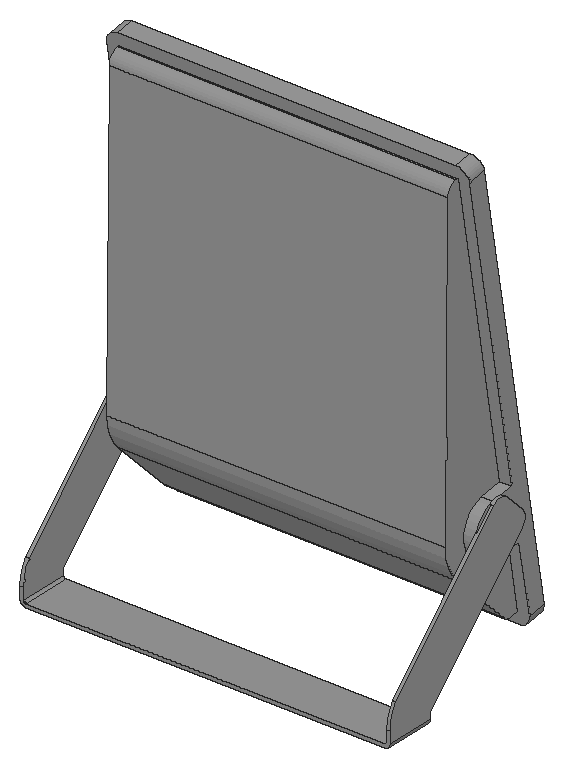
Revit family "0048210", category Lighting Fixtures, host Face, Revit 2017
Family settings
  Host = Face
  Round Connector Dimension = Use Diameter
  Part Type = Normal
  OmniClass Number = 23.80.70.00
  OmniClass Title = Lighting
  Cut with Voids When Loaded = No
  Light Source = No
  Shared = No
  Room Calculation Point = No
Parameters (values of type "0048210 Start Flood IP66 21000lm 740 WB")
  WingRadius_SYL = 10 mm
  WingLength_SYL = if([50W_SYL], 100 mm, if([100W_SYL], 142 mm, if([150W_SYL], 142 mm, if([200W_SYL], 150 mm, 170 mm))))  # 142 mm
  WidthBracket_SYL = 40 mm
  Weight = "4.6 kg"
  Wattage Comments = ""
  WarrantyStartDate [instance] = "n/a"
  WarrantyGuarantorParts = "n/a"
  WarrantyDurationUnit = "n/a"
  WarrantyDurationParts = "n/a"
  WarrantyDescription = "n/a"
  Voltage = 230 V
  URL = "http://www.sylvania-lighting.com"
  TypeName = "Start Flood IP66 21000lm 740 WB"
  TypeHead_SYL = START Flood IP66 150W luminaire : 0048210 Start Flood IP66 21000lm 740 WB
  Type Image = <None>
  Type Comments = "n/a"
  ThicknessBracket_SYL = 3 mm
  SerialNumber [instance] = "n/a"
  RotationAngle_SYL [instance] = -100.00°
  RadiusOutBracket_SYL = 5 mm
  RadiusInBracket_SYL = 2 mm
  Material_3_SYL = none
  PowerFactor = 0.99
  PowerConsumption = "149 W"
  NominalLength = 451 mm
  NominalHeight = 330 mm
  NominalDepth = 77 mm
  Name = "Start Flood IP66 21000lm 740 WB"
  ModelReference = Name  # "Start Flood IP66 21000lm 740 WB"
  ModelNumber = "0048210"
  Model = Name  # "Start Flood IP66 21000lm 740 WB"
  Material = "n/a"
  ManufacturerName = "Feilo Sylvania"
  Manufacturer = "Feilo Sylvania"
  LuminousEfficacy = "144.6 lm/W"
  LuminaireType = ""
  LightOutputRatio = "n/a"
  LengthIn_SYL = if([50W_SYL], 210 mm, if([100W_SYL], 300 mm, if([150W_SYL], 295 mm, if([200W_SYL], 360 mm, 430 mm))))  # 295 mm
  LampsType = Lamp  # "LED"
  LampNominalLuminous = "21686 lm"
  LampMacAdamStep = "n/a"
  LampColourTemperature = "4000 K"
  LampColourRenderingIndex = "70"
  Lamp = "LED"
  Keynote = "16500"
  InstallationDate [instance] = "n/a"
  InputVoltage = "n/a"
  InputNominalFrequency = "n/a"
  IngressProtection = "IP66"
  ImpactProtectionIndex = "IK08"
  IfcExportType = "IfcLightFixtureType"
  IfcExportAs = "IfcLightFixtureType"
  EndAngle_SYL [instance] = RotationAngle_SYL + 180.00°  # 80.00°
  ElectricShockClassification = "Class I"
  DocumentationLiterature = "http://www.sylvania-lighting.com/product/en-int/products/0048210"
  DimmingControlOptions = "n/a"
  Material_2_SYL = none
  Description = ""
  Default Elevation = 1219.2 mm
  CreatedOn = "2/1/2019"
  CreatedBy = "@sylvania-lighting.com"
  Cost = 0
  built-in parameter 1114216 [instance] = (empty or 0)
  ClassificationValue = "EF_70_80"
  ClassificationName = "Uniclass2015"
  Material_1_SYL = Steel, Paint Finish, Dark Gray, Matte
  BarCode [instance] = "n/a"
  AxisOffsetWingEnd_SYL = WidthBracket_SYL / 2  # 20 mm
  AxisHeight_SYL = sin(45.00°) * WingLength_SYL  # 100.409 mm
  AxisDepth_SYL = cos(45.00°) * (WingLength_SYL - tan(45.00°) * AxisOffsetWingEnd_SYL - AxisOffsetWingEnd_SYL)  # 72.125 mm
  AssetType = "Fixed"
  AssetIdentifier [instance] = "n/a"
  Assembly Code = "D5020200"
  Apparent Load = 150 VA
  Material_4_SYL = none
  50W_SYL = no
  200W_SYL = no
  150W_SYL = yes
  100W_SYL = no
Reference planes
  plane 1 "Center (Front/Back)": y = 0
  plane 2: z = 0
  plane 3 "Center (Left/Right)": x = 0
  plane 4: x = 150.5
  plane 5: x = -150.5
  plane 6: x = 147.5
  plane 7: x = -147.5
  plane 8: z = 10
  plane 9: y = 20
  plane 10: y = -20
  plane 11: z = 3
  plane 12: z = 110.409
  plane 13: y = 92.125
Forms (mm)
  Extrusion 1, solid, material "Steel, Paint Finish, Dark Gray, Matte" <- "Material_1_SYL"
    sketch origin (0, 0, 0) x (1, 0, 0) y (0, 0, 1)
      loop
        arc (145.5, 0) -> (149.036, 1.464) -> (150.5, 5) r 5
        line (150.5, 5) -> (150.5, 10) -> (147.5, 10) -> (147.5, 5)
        arc (147.5, 5) -> (146.914, 3.586) -> (145.5, 3) r 2
        line (145.5, 3) -> (-145.5, 3)
        arc (-145.5, 3) -> (-146.914, 3.586) -> (-147.5, 5) r 2
        line (-147.5, 5) -> (-147.5, 10) -> (-150.5, 10) -> (-150.5, 5)
        arc (-150.5, 5) -> (-149.036, 1.464) -> (-145.5, 0) r 5
        line (-145.5, 0) -> (145.5, 0)
    from -20 to 20
  Extrusion 2, solid, material "Steel, Paint Finish, Dark Gray, Matte" <- "Material_1_SYL"
    sketch origin (147.5, -4572, 2609.058) x (0, 0, 1) y (0, -1, 0)
      loop
        line (-2599.058, -4592) -> (-2505.72, -4685.338)
        arc (-2505.72, -4685.338) -> (-2498.649, -4688.267) -> (-2491.578, -4685.338) r 10
        line (-2491.578, -4685.338) -> (-2477.436, -4671.196)
        arc (-2477.436, -4671.196) -> (-2474.507, -4664.125) -> (-2477.436, -4657.054) r 10
        line (-2477.436, -4657.054) -> (-2576.632, -4557.858)
        arc (-2576.632, -4557.858) -> (-2585.316, -4553.5) -> (-2594.916, -4552) r 31.464
        line (-2594.916, -4552) -> (-2599.058, -4552) -> (-2599.058, -4592)
    from 0 to 3
  Extrusion 3, solid, material "Steel, Paint Finish, Dark Gray, Matte" <- "Material_1_SYL"
    sketch origin (-150.5, -4572, 2609.058) x (0, 0, 1) y (0, -1, 0)
      loop
        arc (-2505.72, -4685.338) -> (-2498.649, -4688.267) -> (-2491.578, -4685.338) r 10
        line (-2491.578, -4685.338) -> (-2477.436, -4671.196)
        arc (-2477.436, -4671.196) -> (-2474.507, -4664.125) -> (-2477.436, -4657.054) r 10
        line (-2477.436, -4657.054) -> (-2576.632, -4557.858)
        arc (-2576.632, -4557.858) -> (-2585.316, -4553.5) -> (-2594.916, -4552) r 31.464
        line (-2594.916, -4552) -> (-2604.058, -4552) -> (-2604.058, -4592) -> (-2599.058, -4592) -> (-2505.72, -4685.338)
    from 0 to 3
  Revolve 4, solid, not visible
    sketch origin (1223.4, -4572, 110.409) x (0, -1, 0) y (1, 0, 0)
      loop
        line (-4664.125, -1223.4) -> (-4679.125, -1223.4) -> (-4679.125, -1273.4) -> (-4664.125, -1273.4) -> (-4664.125, -1223.4)
      axis (-4664.125, -1223.4) -> (-4664.125, -1273.4)
    angle from -100 <- "RotationAngle_SYL" to 80 <- "EndAngle_SYL"
Cuts and joins
  joined: Extrusion 1, Extrusion 2, Extrusion 3
Lines and regions (mm)
  reference lines
    curve 1: line (0, 20, 10) -> (0, 172.028, 162.028)
    curve 2: line (0, 133.744, 180.312) -> (0, -20, 26.569)
    curve 3: line (0, 92.125, 138.693) -> (0, 120.409, 110.409)
    curve 4: line (-150.5, 4.393, 22.678) -> (-150.5, 170.135, 188.419)
    curve 5: line (0, 77.983, 124.551) -> (0, 106.267, 96.267)
Dimensions and locks
  locked: plane 8 to plane 2 at 10
  equal spacing: plane 10, plane 1 "Center (Front/Back)", plane 9
  "WidthBracket_SYL": plane 10 to plane 9
  "WidthBracket_SYL": curve 1 to curve 2
  "ThicknessBracket_SYL": plane 11 to plane 2
  "WingLength_SYL": curve 1 to curve 3
  level to Extrusion 1 = 10 mm
  equal spacing: plane 6, plane 3 "Center (Left/Right)", plane 7
  "LengthIn_SYL": plane 6 to plane 7
  equal spacing: plane 4, plane 3 "Center (Left/Right)", plane 5
  "ThicknessBracket_SYL": plane 7 to plane 5
  equal spacing: curve 1, curve 4, curve 2
  "AxisOffsetWingEnd_SYL": curve 3 to curve 5
  "AxisHeight_SYL": plane 12 to plane 8
  "AxisDepth_SYL": plane 9 to plane 13
  "RadiusInBracket_SYL": radius of Extrusion 1 sketch curve  (x2)
  "RadiusOutBracket_SYL": radius of Extrusion 1 sketch curve  (x2)
  "WingRadius_SYL": radius of Extrusion 2 sketch curve  (x2)
  locked: plane 8 to curve 1 (angle 45.00°)
  locked: plane 8 to curve 2 (angle 45.00°)
  aligned and locked: plane 2 to host face
  aligned and locked: level to host face
  aligned and locked: plane 9 to curve 1
  aligned and locked: plane 8 to curve 1
  aligned and locked: plane 10 to curve 2
  aligned and locked: plane 5 to Extrusion 1 sketch curve
  aligned and locked: plane 8 to Extrusion 1 sketch curve  (x2)
  aligned and locked: Extrusion 1 sketch curve to plane 7
  aligned and locked: plane 11 to Extrusion 1 sketch curve
  aligned and locked: plane 6 to Extrusion 1 sketch curve
  aligned and locked: Extrusion 1 sketch curve to plane 4
  aligned and locked: Extrusion 1 to plane 9
  aligned and locked: plane 10 to Extrusion 1
  aligned and locked: Extrusion 2 sketch curve to curve 1
  aligned and locked: curve 2 to Extrusion 2 sketch curve
  aligned and locked: plane 10 to Extrusion 2 sketch curve
  aligned and locked: Extrusion 2 sketch curve to Extrusion 1
  aligned and locked: plane 4 to Extrusion 2
  aligned and locked: Extrusion 2 to plane 6
  aligned and locked: plane 7 to Extrusion 3
  aligned and locked: Extrusion 3 to plane 5
  aligned and locked: cut or joined group of Extrusion 1, Extrusion 2, Extrusion 3 to curve 5  (x2)
  aligned and locked: Revolve 4 sketch curve to plane 13  (x2)
  aligned and locked: Revolve 4 sketch curve to curve 3
  aligned and locked: curve 2 to plane 3 "Center (Left/Right)"
  aligned and locked: Extrusion 3 sketch curve to cut or joined group of Extrusion 1, Extrusion 2, Extrusion 3  (x5)
  aligned and locked: cut or joined group of Extrusion 1, Extrusion 2, Extrusion 3 to Extrusion 3 sketch curve
  aligned and locked: nested 1 to plane 3 "Center (Left/Right)"
Automatic sketch dimensions
  host sketch curve to host sketch curve = 2438.4 mm  (x2)
  curve 4 to plane 1 "Center (Front/Back)" = 4.393 mm
  curve 4 to plane 9 = 150.135 mm
  Revolve 4 sketch curve to Revolve 4 sketch curve = 15 mm
  Revolve 4 sketch curve to plane 3 "Center (Left/Right)" = 50 mm
  Revolve 4 sketch curve to plane 5 = 1316.635 mm
  plane 4 to Revolve 4 sketch curve = 1441.773 mm
  Extrusion 3 sketch curve to plane 10 = 5.858 mm
  plane 12 to Extrusion 3 sketch curve = 7.071 mm
  Extrusion 3 sketch curve to plane 12 = 7.071 mm
  Extrusion 3 sketch curve to Extrusion 3 sketch curve = 7.071 mm
  plane 13 to Extrusion 3 sketch curve = 7.071 mm
  Extrusion 1 sketch curve to Extrusion 1 sketch curve = 0 mm  (x2)
  plane 12 to Extrusion 2 sketch curve = 0 mm
  Extrusion 2 sketch curve to plane 13 = 0 mm
  Extrusion 2 sketch curve to Extrusion 2 sketch curve = 4.142 mm
  Extrusion 2 sketch curve to plane 10 = 5.858 mm
  plane 12 to Extrusion 2 sketch curve = 7.071 mm
  Extrusion 2 sketch curve to plane 12 = 7.071 mm
  plane 13 to Extrusion 2 sketch curve = 7.071 mm
  Extrusion 2 sketch curve to plane 13 = 7.071 mm
Nested families
  nested 1: "START Flood IP66 150W luminaire" at (0, 92.125, 110.409) x (-1, 0, 0) z (0, 0.9848, 0.1736), type <- "TypeHead_SYL", type "0048210 Start Flood IP66 21000lm 740 WB"
    with built-in parameter 1114216 (empty or 0), Apparent Load 150 VA
Connectors
  electrical at (4.2, 0, 0), driven by "Voltage", driven by "Apparent Load", driven by "PowerFactor"
    settings: on host face, index 1, voltage 230 V, apparent load 150 VA, apparent load phase1 0 VA, apparent load phase2 0 VA, apparent load phase3 0 VA, power factor 0.99, load classification "Other", number of poles 1, system type 30, power factor state 1, is connector primary yes, connector utility no, sub classification motor no, connector description ""
Definition of nested family "START Flood IP66 150W luminaire"
  Parameters (values of type "0048211 Start Flood IP66 21000lm 740 ASYM")
    WidthHead_SYL = if([50W_SYL], 210 mm, if([100W_SYL], 300 mm, if([150W_SYL], 295 mm, if([200W_SYL], 360 mm, 430 mm))))  # 295 mm
    Wattage Comments = "n/a"
    Wattage = 149 W
    built-in parameter 1150110 = 1 (stored number, unit not read)
    URL = "http://www.sylvania-lighting.com"
    Type Image = (empty or 0)
    Type Comments = "n/a"
    built-in parameter 1114217 = 1 (stored number, unit not read)
    Tilt Angle = -90.00°
    built-in parameter 1150109 = 1 (stored number, unit not read)
    built-in parameter 1150134 = 12
    built-in parameter 1150113 = 1 (stored number, unit not read)
    ScreenThickness_SYL = 14.5 mm  # constant formula
    ReflectorOffset_SYL = 12 mm  # constant formula
    ReflectorOffsetIn_SYL = RadiusReflectorFront_SYL  # 30 mm
    ReflectorHeight_SYL = if([50W_SYL], 145 mm, if([100W_SYL], 165 mm, if([150W_SYL], 210 mm, if([200W_SYL], 240 mm, 290 mm))))  # 210 mm
    RadiusReflectorIn_SYL = 5 mm  # constant formula
    RadiusReflectorFront_SYL = if([50W_SYL], 30 mm, if([100W_SYL], 30 mm, if([150W_SYL], 30 mm, if([200W_SYL], 30 mm, 35 mm))))  # 30 mm
    RadiusHinge_SYL = RadiusBack_SYL / 1.8  # 22.222 mm
    RadiusBack_SYL = if([50W_SYL], 31.3 mm, if([100W_SYL], 40 mm, if([150W_SYL], 40 mm, if([200W_SYL], 50 mm, 55 mm))))  # 40 mm
    Photometric Web File = "0048211.ies"
    OffsetBack_SYL = 10 mm  # constant formula
    Material_5_SYL = none
    Material_3_SYL = none
    Model = "Start Flood IP66 21000lm 740 ASYM"
    Manufacturer = "Feilo Sylvania"
    built-in parameter 1150105 = 11135.6 (stored number, unit not read)
    Lumens = 20562 lm
    built-in parameter 1150115 = 1 (stored number, unit not read)
    built-in parameter 1150137 = (empty or 0)
    built-in parameter 1150139 = (empty or 0)
    built-in parameter 1150112 = 1 (stored number, unit not read)
    built-in parameter 1150114 = 1 (stored number, unit not read)
    Lamp = "LED"
    Keynote = "16500"
    Material_2_SYL = none
    built-in parameter 1150132 = (empty or 0)
    built-in parameter 1150102 = (empty or 0)
    built-in parameter 1150107 = 4000 (stored number, unit not read)
    built-in parameter 1150138 = (empty or 0)
    built-in parameter 1150106 = 111.36 (stored number, unit not read)
    HeightHead_SYL = if([50W_SYL], 250 mm, if([100W_SYL], 320 mm, if([150W_SYL], 367 mm, if([200W_SYL], 400 mm, 470 mm))))  # 367 mm
    Emit from Rectangle Width = WidthHead_SYL - 4 mm - ReflectorOffset_SYL * 2 - ReflectorOffsetIn_SYL * 2  # 207 mm
    Emit from Rectangle Length = ReflectorHeight_SYL - ReflectorOffsetIn_SYL * 2  # 150 mm
    Emit Shape Visible in Rendering = no
    built-in parameter 1150104 = 12.821 (stored number, unit not read)
    Dimming Lamp Color Temperature Shift = (empty or 0)
    Description = ""
    Default Elevation = 1219.2 mm
    Cost = 0
    Color Filter = 16777215
    built-in parameter 1114216 [instance] = (empty or 0)
    Material_1_SYL = none
    Chamfer_SYL = if([50W_SYL], 15 mm, if([100W_SYL], 15 mm, if([150W_SYL], 15 mm, if([200W_SYL], 15 mm, 20 mm))))  # 15 mm
    built-in parameter 1114218 = 1 (stored number, unit not read)
    AxisOffsetBottom_SYL = if([50W_SYL], 68 mm, if([100W_SYL], 80 mm, if([150W_SYL], 92.2 mm, if([200W_SYL], 99.7 mm, 117 mm))))  # 92.2 mm
    AxisOffsetFront_SYL = if([50W_SYL], 28.4 mm, if([100W_SYL], 33.2 mm, if([150W_SYL], 33.2 mm, if([200W_SYL], 32.9 mm, 38.3 mm))))  # 33.2 mm
    built-in parameter 1150133 = 10 (stored number, unit not read)
    Assembly Code = "D5020200"
    Apparent Load = 149 VA
    Material_4_SYL = none
    50W_SYL = no
    200W_SYL = no
    150W_SYL = yes
    100W_SYL = no
  Types (2, lengths in mm): name | Photometric Web File | Model | built-in parameter 1150105 | Lumens | built-in parameter 1150106 | built-in parameter 1150104
    0048211 Start Flood IP66 21000lm 740 ASYM | "0048211.ies" | "Start Flood IP66 21000lm 740 ASYM" | 11135.6 (stored number, unit not read) | 20562 lm | 111.36 (stored number, unit not read) | 12.821 (stored number, unit not read)
    0048210 Start Flood IP66 21000lm 740 WB | "0048210.ies" | "Start Flood IP66 21000lm 740 WB" | 24061.3 (stored number, unit not read) | 21605 lm | 240.61 (stored number, unit not read) | 13.471 (stored number, unit not read)
  Reference planes
    plane 1 "Center (Front/Back)": y = 0
    plane 2: z = 0
    plane 3 "Center (Left/Right)": x = 0
    plane 4: x = 147.5
    plane 5: x = -147.5
    plane 6: y = -92.2
    plane 7: y = 274.8
    plane 8: z = 33.2
    plane 9: z = 18.7
    plane 10: y = 264.8
    plane 11: y = -82.2
    plane 12: x = -137.5
    plane 13: x = 137.5
    plane 14: x = -145.5
    plane 15: y = 272.8
    plane 16: x = 145.5
    plane 17: y = -90.2
    plane 18: y = 257.8
    plane 19: x = 130.5
    plane 20: x = -130.5
    plane 21: y = -75.2
    plane 22: z = 31.2
    plane 23: z = 8.7
    plane 24: x = -133.5
    plane 25: y = 260.8
    plane 26: x = 133.5
    plane 27: y = 50.8
    plane 28: x = -103.5
    plane 29: y = 80.8
    plane 30: x = 103.5
    plane 31: y = 230.8
    plane 32: y = 155.8
  Forms (mm)
    Extrusion 1, solid
      sketch origin (4.2, 0, 0) x (1, 0, 0) y (0, 1, 0)
        loop
          line (-1219.2, 1219.2) -> (-1219.2, -1219.2) -> (1219.2, -1219.2) -> (1219.2, 1219.2) -> (-1219.2, 1219.2)
      from 0 to -68.017
    Extrusion 2, solid, material <- "Material_1_SYL"
      sketch origin (0, 1219.2, 33.2) x (1, 0, 0) y (0, -1, 0)
        loop
          line (-137.5, 944.4) -> (137.5, 944.4)
          arc (137.5, 944.4) -> (144.571, 947.329) -> (147.5, 954.4) r 10
          line (147.5, 954.4) -> (147.5, 1301.4)
          arc (147.5, 1301.4) -> (144.571, 1308.471) -> (137.5, 1311.4) r 10
          line (137.5, 1311.4) -> (-137.5, 1311.4)
          arc (-137.5, 1311.4) -> (-144.571, 1308.471) -> (-147.5, 1301.4) r 10
          line (-147.5, 1301.4) -> (-147.5, 954.4)
          arc (-147.5, 954.4) -> (-144.571, 947.329) -> (-137.5, 944.4) r 10
      from 0 to 14.5
    Extrusion 3, void
      sketch origin (0, 1219.2, 33.2) x (1, 0, 0) y (0, -1, 0)
        loop
          line (-130.5, 946.4) -> (130.5, 946.4) -> (145.5, 961.4) -> (145.5, 1294.4) -> (130.5, 1309.4) -> (-130.5, 1309.4) -> (-145.5, 1294.4) -> (-145.5, 961.4) -> (-130.5, 946.4)
      from 0 to 2
    Blend 4, void
      base sketch origin (0, 1219.2, 31.2) x (0, -1, 0) y (1, 0, 0)
        loop
          arc (958.4, -103.5) -> (967.187, -124.713) -> (988.4, -133.5) r 30
          line (988.4, -133.5) -> (1138.4, -133.5)
          arc (1138.4, -133.5) -> (1159.613, -124.713) -> (1168.4, -103.5) r 30
          line (1168.4, -103.5) -> (1168.4, 103.5)
          arc (1168.4, 103.5) -> (1159.613, 124.713) -> (1138.4, 133.5) r 30
          line (1138.4, 133.5) -> (988.4, 133.5)
          arc (988.4, 133.5) -> (967.187, 124.713) -> (958.4, 103.5) r 30
          line (958.4, 103.5) -> (958.4, -103.5)
      top sketch origin (0, 1219.2, 31.2) x (0, -1, 0) y (1, 0, 0)
        loop
          arc (988.4, -100.5) -> (990.244, -102.683) -> (992.983, -103.5) r 5
          line (992.983, -103.5) -> (1133.4, -103.5)
          arc (1133.4, -103.5) -> (1136.936, -102.036) -> (1138.4, -98.5) r 5
          line (1138.4, -98.5) -> (1138.4, 98.5)
          arc (1138.4, 98.5) -> (1136.936, 102.036) -> (1133.4, 103.5) r 5
          line (1133.4, 103.5) -> (993.4, 103.5)
          arc (993.4, 103.5) -> (989.864, 102.036) -> (988.4, 98.5) r 5
          line (988.4, 98.5) -> (988.4, -100.5)
      from 0 to -22.5
    Extrusion 5, solid, material <- "Material_1_SYL"
      sketch origin (0, 0, 0) x (0, 1, 0) y (0, 0, 1)
        loop
          line (-82.2, 18.7) -> (-82.2, 13.506)
          arc (-82.2, 13.506) -> (-81.058, 8.865) -> (-77.893, 5.284) r 10
          line (-77.893, 5.284) -> (-22.772, -32.885)
          arc (-22.772, -32.885) -> (-8.374, -39.114) -> (7.312, -39.326) r 40
          line (7.312, -39.326) -> (256.806, 7.063)
          arc (256.806, 7.063) -> (262.548, 10.538) -> (264.8, 16.86) r 10
          line (264.8, 16.86) -> (264.8, 18.7) -> (-82.2, 18.7)
      from -137.5 to 137.5
    Extrusion 6, solid, material <- "Material_4_SYL"
      sketch origin (0, 1219.2, 31.2) x (1, 0, 0) y (0, -1, 0)
        loop
          line (130.5, 946.4) -> (145.5, 961.4) -> (145.5, 1294.4) -> (130.5, 1309.4) -> (-130.5, 1309.4) -> (-145.5, 1294.4) -> (-145.5, 961.4) -> (-130.5, 946.4) -> (130.5, 946.4)
      from -2 to 0
    Extrusion 7, solid, material <- "Material_1_SYL"
      sketch origin (0, 0, 0) x (0, 1, 0) y (0, 0, 1)
        loop
          arc (-22.222, 0) -> (0, -22.222) -> (22.222, 0) r 22.222
          line (22.222, 0) -> (22.222, 18.7) -> (-22.222, 18.7) -> (-22.222, 0)
      from -147.5 to 147.5
  Cuts and joins
    Extrusion 3, Blend 4 cuts Extrusion 2
    joined: Extrusion 2, Extrusion 5, Extrusion 7
  Lines and regions (mm)
    Split face 1
      outline origin (0, 1219.2, 33.2) x (1, 0, 0) y (0, 1, 0)
        loop
          arc (103.5, -1168.4) -> (124.713, -1159.613) -> (133.5, -1138.4) r 30
          line (133.5, -1138.4) -> (133.5, -988.4)
          arc (133.5, -988.4) -> (124.713, -967.187) -> (103.5, -958.4) r 30
          line (103.5, -958.4) -> (-103.5, -958.4)
          arc (-103.5, -958.4) -> (-124.713, -967.187) -> (-133.5, -988.4) r 30
          line (-133.5, -988.4) -> (-133.5, -1138.4)
          arc (-133.5, -1138.4) -> (-124.713, -1159.613) -> (-103.5, -1168.4) r 30
          line (-103.5, -1168.4) -> (103.5, -1168.4)
    reference lines
      curve 1: circle (0, 0, 0) r 40 normal (1, 0, 0)
      curve 2: line (-103.5, 260.8, 33.2) -> (103.5, 260.8, 33.2)
      curve 3: line (-133.5, 80.8, 33.2) -> (-133.5, 230.8, 33.2)
      curve 4: line (103.5, 50.8, 33.2) -> (-103.5, 50.8, 33.2)
      curve 5: line (133.5, 230.8, 33.2) -> (133.5, 80.8, 33.2)
      curve 6: arc (-103.5, 260.8, 33.2) -> (-124.713, 252.013, 33.2) -> (-133.5, 230.8, 33.2) r 30
      curve 7: arc (103.5, 260.8, 33.2) -> (124.713, 252.013, 33.2) -> (133.5, 230.8, 33.2) r 30
      curve 8: arc (-133.5, 80.8, 33.2) -> (-124.713, 59.587, 33.2) -> (-103.5, 50.8, 33.2) r 30
      curve 9: arc (103.5, 50.8, 33.2) -> (124.713, 59.587, 33.2) -> (133.5, 80.8, 33.2) r 30
      curve 10: line (-100.5, 230.8, 33.2) -> (98.5, 230.8, 33.2)
      curve 11: line (-103.5, 85.8, 33.2) -> (-103.5, 226.217, 33.2)
      curve 12: line (98.5, 80.8, 33.2) -> (-98.5, 80.8, 33.2)
      curve 13: line (103.5, 225.8, 33.2) -> (103.5, 85.8, 33.2)
      curve 14: arc (-100.5, 230.8, 33.2) -> (-102.683, 228.956, 33.2) -> (-103.5, 226.217, 33.2) r 5
      curve 15: arc (-98.5, 80.8, 33.2) -> (-102.036, 82.264, 33.2) -> (-103.5, 85.8, 33.2) r 5
      curve 16: arc (103.5, 85.8, 33.2) -> (102.036, 82.264, 33.2) -> (98.5, 80.8, 33.2) r 5
      curve 17: arc (98.5, 230.8, 33.2) -> (102.036, 229.336, 33.2) -> (103.5, 225.8, 33.2) r 5
      curve 18: circle (0, 0, 0) r 22.222 normal (1, 0, 0)
  Dimensions and locks
    equal spacing: plane 4, plane 3 "Center (Left/Right)", plane 5
    "WidthHead_SYL": plane 4 to plane 5
    "AxisOffsetBottom_SYL": plane 6 to plane 1 "Center (Front/Back)"
    "HeightHead_SYL": plane 6 to plane 7
    "AxisOffsetFront_SYL": plane 8 to plane 2
    "ScreenThickness_SYL": plane 9 to plane 8
    equal spacing: plane 12, plane 3 "Center (Left/Right)", plane 13
    "OffsetBack_SYL": plane 5 to plane 12
    "OffsetBack_SYL": plane 10 to plane 7
    "OffsetBack_SYL": plane 6 to plane 11
    locked: plane 6 to plane 17 at 2
    locked: plane 16 to plane 4 at 2
    locked: plane 5 to plane 14 at 2
    locked: plane 15 to plane 7 at 2
    "Chamfer_SYL": plane 19 to plane 16
    "Chamfer_SYL": plane 14 to plane 20
    "Chamfer_SYL": plane 18 to plane 15
    locked: plane 22 to plane 8 at 2
    "Chamfer_SYL": plane 17 to plane 21
    locked: plane 23 to plane 9 at 10
    equal spacing: plane 24, plane 3 "Center (Left/Right)", plane 26
    "ReflectorOffset_SYL": plane 25 to plane 15
    "ReflectorHeight_SYL": plane 27 to plane 25
    "ReflectorOffset_SYL": plane 14 to plane 24
    "ReflectorOffsetIn_SYL": plane 31 to plane 25
    "ReflectorOffsetIn_SYL": plane 24 to plane 28
    "ReflectorOffsetIn_SYL": plane 27 to plane 29
    "ReflectorOffsetIn_SYL": plane 30 to plane 26
    level to Extrusion 7 = 18.7 mm
    equal spacing: plane 29, plane 32, plane 31
    "RadiusBack_SYL": radius of curve 1
    "OffsetBack_SYL": radius of Extrusion 2 sketch curve  (x4)
    "RadiusReflectorFront_SYL": radius of curve 6
    "RadiusReflectorFront_SYL": radius of curve 8
    "RadiusReflectorFront_SYL": radius of curve 9
    "RadiusReflectorFront_SYL": radius of curve 7
    "RadiusReflectorIn_SYL": radius of curve 14
    "RadiusReflectorIn_SYL": radius of curve 15
    "RadiusReflectorIn_SYL": radius of curve 16
    "RadiusReflectorIn_SYL": radius of curve 17
    radius of Extrusion 5 sketch curve = 10 mm  (x2)
    "RadiusHinge_SYL": radius of curve 18
    aligned and locked: plane 2 to Extrusion 1
    aligned and locked: level to Extrusion 1
    aligned and locked: Extrusion 2 sketch curve to plane 7
    aligned and locked: plane 12 to Extrusion 2 sketch curve  (x2)
    aligned and locked: plane 13 to Extrusion 2 sketch curve  (x2)
    aligned and locked: plane 10 to Extrusion 2 sketch curve
    aligned and locked: plane 11 to Extrusion 2 sketch curve  (x2)
    aligned and locked: plane 9 to Extrusion 2
    aligned and locked: Extrusion 2 to plane 8
    aligned and locked: plane 20 to Extrusion 3 sketch curve
    aligned and locked: plane 18 to Extrusion 3 sketch curve
    aligned and locked: plane 14 to Extrusion 3 sketch curve
    aligned and locked: plane 17 to Extrusion 3 sketch curve
    aligned and locked: Extrusion 3 sketch curve to plane 16
    aligned and locked: plane 19 to Extrusion 3 sketch curve
    aligned and locked: plane 15 to Extrusion 3 sketch curve
    aligned and locked: plane 22 to Extrusion 3
    aligned and locked: Extrusion 3 to plane 8
    aligned and locked: curve 2 to plane 25
    aligned and locked: curve 3 to plane 24
    aligned and locked: plane 27 to curve 4
    aligned and locked: plane 26 to curve 5
    aligned and locked: curve 10 to plane 31
    aligned and locked: curve 11 to plane 28
    aligned and locked: plane 29 to curve 12
    aligned and locked: plane 30 to curve 13
    aligned and locked: Blend 4 sketch curve to curve 6
    aligned and locked: Blend 4 sketch curve to curve 8
    aligned and locked: Blend 4 sketch curve to curve 9
    aligned and locked: Blend 4 sketch curve to curve 7
    aligned and locked: Blend 4 sketch curve to curve 10
    aligned and locked: Blend 4 sketch curve to curve 17
    aligned and locked: Blend 4 sketch curve to curve 16
    aligned and locked: Blend 4 sketch curve to curve 15
    aligned and locked: Blend 4 sketch curve to curve 14
    aligned and locked: Blend 4 to plane 22
    aligned and locked: Extrusion 5 sketch curve to curve 1
    aligned and locked: Extrusion 5 to plane 12
    aligned and locked: plane 13 to Extrusion 5
    aligned and locked: plane 23 to Blend 4
    aligned and locked: Extrusion 6 sketch curve to cut or joined group of Extrusion 2, Extrusion 3, Blend 4, Extrusion 5, Extrusion 7  (x8)
    aligned and locked: plane 22 to Extrusion 6
    aligned and locked: Extrusion 6 to plane 8
    aligned and locked: Split face 1 sketch curve to cut or joined group of Extrusion 2, Extrusion 3, Blend 4, Extrusion 5, Extrusion 7  (x4)
    aligned and locked: Extrusion 7 sketch curve to curve 18
    aligned and locked: plane 9 to Extrusion 7 sketch curve  (x2)
    aligned and locked: plane 4 to Extrusion 7
    aligned and locked: Extrusion 7 to plane 5
    aligned and locked: plane 3 "Center (Left/Right)" to imposter light
    aligned and locked: plane 32 to imposter light
    aligned and locked: imposter light to plane 8
  Automatic sketch dimensions
    Extrusion 1 sketch curve to Extrusion 1 sketch curve = 2438.4 mm  (x2)
    Extrusion 3 sketch curve to plane 20 = 0 mm
    Extrusion 3 sketch curve to plane 19 = 0 mm
    plane 21 to Extrusion 3 sketch curve = 0 mm  (x2)
    plane 18 to Extrusion 3 sketch curve = 0 mm
    plane 28 to curve 10 = 3 mm
    curve 1 to curve 18 = 0 mm  (x2)
    curve 18 to level = 0 mm
    curve 18 to plane 1 "Center (Front/Back)" = 0 mm
    Extrusion 7 sketch curve to level = 0 mm
    Extrusion 5 sketch curve to plane 11 = 0 mm
    Extrusion 5 sketch curve to plane 10 = 0 mm
    plane 9 to Extrusion 5 sketch curve = 0 mm
    plane 21 to Extrusion 5 sketch curve = 2.693 mm
    plane 1 "Center (Front/Back)" to Extrusion 5 sketch curve = 22.772 mm
    Extrusion 5 sketch curve to plane 1 "Center (Front/Back)" = 7.312 mm
    plane 18 to Extrusion 5 sketch curve = 0.994 mm
    plane 23 to Extrusion 5 sketch curve = 3.416 mm
    plane 23 to Extrusion 5 sketch curve = 1.637 mm
